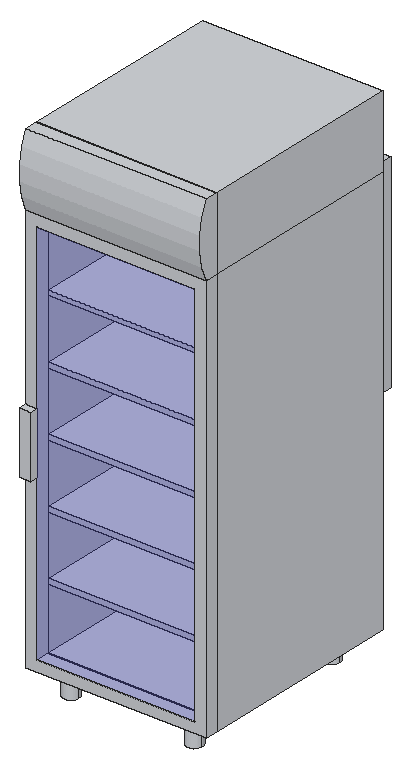
Revit family "Холодильные шкафы со стеклянными дверьми POLAIR Grande", category Оборудование, Revit 2020
Family settings
  Размер круглого соединителя = Использовать диаметр
  Классификация = Нет
  Тип детали = Нормальный
  На основе рабочей плоскости = Нет
  Всегда вертикально = Да
  При загрузке вырезать с полостями = Нет
  Общий = Нет
  Точка расчета площади = Нет
Parameters (values of type "DM107-G")
  Ширина = 697 mm
  Цена, руб. = "89 034"
  Холодильный шкаф = none
  Хладагент = "R134a"
  Условия окр. среды (темп./вл-сть,%) = "до +32/до 60"
  Тип охлаждения = "динамический"
  Тип оттайки = "автомат. с системой исп. конденсата"
  Терморегулятор = "эл.  блок"
  Система электропитания В/Гц = "230/50"
  Расход электроэнергии за сутки, кВт/ч = "5.5"
  Расположение агрегата = "верхнее"
  Размеры в упаковке, мм = "790х744х2125"
  Размер полки, мм = "53*650"
  Потребляемая мощность, Вт, не более = "400"
  Подсветка = "LED вертикальная"
  Отметка по умолчанию = 0 mm
  Объем, л. = "700"
  Кол-во полок = "4"
  Кол-во бутылок 0,5 по ширине 1 полки, шт. = "8"
  Кол-во бутылок 0,5 л по глубине 1 полки, шт. = "9"
  Клапан Шредера = "+"
  Канапе с подсветкой = "LED"
  Замок = "опция"
  Допустимая нагрузка на полку, кг = "40"
  Диап. рабочих температур = "+1....+10"
  Глубина = 945 mm
  Габаритные размеры, мм = "697х945х1960"
  Высота = 1960 mm
  Вес нетто, кг = "124"
  Вес брутто, кг = "148"
Types (3, lengths in mm): name | Цена, руб. | Расход электроэнергии за сутки, кВт/ч | Размер полки, мм | Потребляемая мощность, Вт, не более | Объем, л. | Кол-во бутылок 0,5 по ширине 1 полки, шт. | Кол-во бутылок 0,5 л по глубине 1 полки, шт. | Глубина | Габаритные размеры, мм | Вес нетто, кг | Вес брутто, кг
  (no name) | "89 034" | "5.5" | "53*650" | "400" | "700" | "8" | "9" | 945 | "697х945х1960" | "124" | "148"
  DM105-G | "70 271" | "4" | "595*455" | "350" | "500" | "" | "" | 710 | "697х710х1960" | "106" | "125"
  DM107-G | "89 034" | "5.5" | "53*650" | "400" | "700" | "8" | "9" | 945 | "697х945х1960" | "124" | "148"
Reference planes
  plane 1 "По центру (Вперед/Назад)": y = 0
  plane 2: z = 0
  plane 3 "По центру (Влево/Вправо)": x = 0
  plane 4: x = -348.5
  plane 5: x = 348.5
  plane 6: y = -945
  plane 7: y = -90
  plane 8: y = -894
  plane 9: x = -305.5
  plane 10: x = 305.5
  plane 11: y = -133
  plane 12: z = 1960
  plane 13: z = 1678
  plane 14: z = 92
  plane 15: z = 1635
  plane 16: z = 135
  plane 17: z = 1385
  plane 18: z = 885
  plane 19: z = 1135
  plane 20: z = 635
  plane 21: z = 385
  plane 22: y = -975
  plane 23: x = -348.5
  plane 24: x = -305.5
  plane 25: z = 635
  plane 26: z = 1135
  plane 27: z = 878
  plane 28: x = -151.5
  plane 29: x = -238.5
  plane 30: y = -865
  plane 31: y = -200
  plane 32: x = 238.5
Forms (mm)
  Extrusion 1, solid, material <- "Холодильный шкаф"
    sketch origin (0, 0, 0) x (1, 0, 0) y (0, 0, 1)
      loop
        line (-348.5, 1678) -> (-348.5, 92) -> (348.5, 92) -> (348.5, 1678) -> (-348.5, 1678)
    from 90 to 894
  Extrusion 2, void
    sketch origin (0, 0, 0) x (1, 0, 0) y (0, 0, 1)
      loop
        line (-305.5, 1635) -> (-305.5, 135) -> (305.5, 135) -> (305.5, 1635) -> (-305.5, 1635)
    from 133 to 894
  Extrusion 3, solid, material <- "Холодильный шкаф"
    sketch origin (0, 0, 0) x (1, 0, 0) y (0, 0, 1)
      loop
        line (-348.5, 1678) -> (-348.5, 92) -> (348.5, 92) -> (348.5, 1678) -> (-348.5, 1678)
      loop
        line (-305.5, 1635) -> (-305.5, 135) -> (305.5, 135) -> (305.5, 1635) -> (-305.5, 1635)
    from 894 to 945
  Extrusion 4, solid, material "Стекло"
    sketch origin (0, 0, 0) x (1, 0, 0) y (0, 0, 1)
      loop
        line (-305.5, 1635) -> (-305.5, 135) -> (305.5, 135) -> (305.5, 1635) -> (-305.5, 1635)
    from 894 to 945
  Extrusion 5, solid, material <- "Холодильный шкаф", detail levels medium+fine
    sketch origin (0, 0, 0) x (1, 0, 0) y (0, 1, 0)
      loop
        line (-305.5, -945) -> (-348.5, -945) -> (-348.5, -975) -> (-305.5, -975) -> (-305.5, -945)
    from 764.614 to 1004.652
  Extrusion 6, solid
    sketch origin (0, 0, 0) x (1, 0, 0) y (0, 0, 1)
      loop
        line (-305.5, 395) -> (-305.5, 375) -> (305.5, 375) -> (305.5, 395) -> (-305.5, 395)
    from 133 to 894
  Extrusion 7, solid
    sketch origin (0, 0, 0) x (1, 0, 0) y (0, 0, 1)
      loop
        line (-305.5, 645) -> (-305.5, 625) -> (305.5, 625) -> (305.5, 645) -> (-305.5, 645)
    from 133 to 894
  Extrusion 8, solid
    sketch origin (0, 0, 0) x (1, 0, 0) y (0, 0, 1)
      loop
        line (-305.5, 895) -> (-305.5, 875) -> (305.5, 875) -> (305.5, 895) -> (-305.5, 895)
    from 133 to 894
  Extrusion 9, solid
    sketch origin (0, 0, 0) x (1, 0, 0) y (0, 0, 1)
      loop
        line (-305.5, 1145) -> (-305.5, 1125) -> (305.5, 1125) -> (305.5, 1145) -> (-305.5, 1145)
    from 133 to 894
  Extrusion 10, solid
    sketch origin (0, 0, 0) x (1, 0, 0) y (0, 0, 1)
      loop
        line (-305.5, 1395) -> (-305.5, 1375) -> (305.5, 1375) -> (305.5, 1395) -> (-305.5, 1395)
    from 133 to 894
  Extrusion 11, solid, material <- "Холодильный шкаф"
    sketch origin (0, 0, 0) x (1, 0, 0) y (0, 0, 1)
      loop
        line (-348.5, 1960) -> (-348.5, 1678) -> (348.5, 1678) -> (348.5, 1960) -> (-348.5, 1960)
    from 90 to 894
  Extrusion 12, solid
    sketch origin (0, 0, 0) x (0, 1, 0) y (0, 0, 1)
      loop
        arc (-945, 1960) -> (-976.071, 1819) -> (-945, 1678) r 335.463
        line (-945, 1678) -> (-894, 1678) -> (-894, 1960) -> (-945, 1960)
    from -348.5 to 348.5
  Extrusion 13, solid
    sketch origin (0, 0, 0) x (1, 0, 0) y (0, 1, 0)
      loop
        line (-151.5, 0) -> (-151.5, -90) -> (305.5, -90) -> (305.5, 0) -> (-151.5, 0)
    from 878 to 1678
  Extrusion 14, solid
    sketch origin (0, 0, 0) x (1, 0, 0) y (0, 1, 0)
      loop
        circle (-238.5, -200) r 30
    from 0 to 92
  Extrusion 15, solid
    sketch origin (0, 0, 0) x (1, 0, 0) y (0, 1, 0)
      loop
        circle (-238.5, -865) r 30
    from 0 to 92
  Extrusion 16, solid
    sketch origin (0, 0, 0) x (1, 0, 0) y (0, 1, 0)
      loop
        circle (238.5, -200) r 30
    from 0 to 92
  Extrusion 17, solid
    sketch origin (0, 0, 0) x (1, 0, 0) y (0, 1, 0)
      loop
        circle (238.5, -865) r 30
    from 0 to 92
Cuts and joins
  Extrusion 2 cuts Extrusion 1
Dimensions and locks
  equal spacing: plane 4, plane 3 "По центру (Влево/Вправо)", plane 5
  "Ширина": plane 4 to plane 5
  "Глубина": plane 6 to plane 1 "По центру (Вперед/Назад)"
  locked: plane 1 "По центру (Вперед/Назад)" to plane 7 at 90
  plane 7 to plane 8 = 804 mm
  locked: plane 8 to plane 6 at 51
  locked: plane 7 to plane 11 at 43
  locked: plane 4 to plane 9 at 43
  locked: plane 10 to plane 5 at 43
  "Высота": plane 12 to plane 2
  locked: plane 12 to plane 13 at 282
  plane 13 to plane 14 = 1586 mm
  locked: plane 14 to plane 2 at 92
  locked: plane 13 to plane 15 at 43
  locked: plane 16 to plane 14 at 43
  equal spacing: plane 15, plane 17, plane 19, plane 18, plane 20, plane 21, plane 16
  locked: plane 6 to plane 22 at 30
  plane 3 "По центру (Влево/Вправо)" to Extrusion 5 = 305.5 mm
  locked: plane 5 to plane 23 at 697
  locked: plane 24 to plane 23 at 43
  equal spacing: Extrusion 6 sketch curve, plane 21, Extrusion 6 sketch curve, locked at 10 each
  equal spacing: Extrusion 7 sketch curve, plane 20, Extrusion 7 sketch curve, locked at 10 each
  equal spacing: Extrusion 8 sketch curve, plane 18, Extrusion 8 sketch curve, locked at 10 each
  equal spacing: Extrusion 9 sketch curve, plane 19, Extrusion 9 sketch curve, locked at 10 each
  equal spacing: Extrusion 10 sketch curve, plane 17, Extrusion 10 sketch curve, locked at 10 each
  locked: Extrusion 11 to Extrusion 12 sketch curve at 82.071
  locked: plane 13 to plane 27 at 800
  locked: plane 28 to plane 5 at 500
  locked: plane 32 to plane 5 at 110
  locked: plane 4 to plane 29 at 110
  locked: plane 7 to plane 31 at 110
  locked: plane 30 to plane 22 at 110
  Extrusion 5 to plane 18 to Extrusion 5 = 119.652 mm locked, 120.386 mm locked
  aligned and locked: level to plane 2
  aligned and locked: plane 14 to Extrusion 1 sketch curve
  aligned and locked: Extrusion 1 sketch curve to plane 13
  aligned and locked: Extrusion 1 sketch curve to plane 5
  aligned and locked: plane 7 to Extrusion 1
  aligned and locked: Extrusion 1 to plane 8
  aligned and locked: Extrusion 2 sketch curve to plane 15
  aligned and locked: plane 16 to Extrusion 2 sketch curve
  aligned and locked: Extrusion 2 sketch curve to plane 10
  aligned and locked: plane 11 to Extrusion 2
  aligned and locked: Extrusion 2 to plane 8
  aligned and locked: Extrusion 3 sketch curve to cut or joined group of Extrusion 1, Extrusion 2  (x3)
  aligned and locked: Extrusion 3 to plane 6
  aligned and locked: plane 8 to Extrusion 3
  aligned and locked: Extrusion 3 sketch curve to plane 15
  aligned and locked: Extrusion 3 sketch curve to plane 10
  aligned and locked: plane 16 to Extrusion 3 sketch curve
  aligned and locked: Extrusion 4 sketch curve to plane 15
  aligned and locked: plane 16 to Extrusion 4 sketch curve
  aligned and locked: Extrusion 4 sketch curve to plane 10
  aligned and locked: Extrusion 4 to plane 6
  aligned and locked: Extrusion 3 to Extrusion 5 sketch curve
  aligned and locked: plane 22 to Extrusion 5 sketch curve
  aligned and locked: plane 24 to Extrusion 4 sketch curve
  aligned and locked: plane 24 to Extrusion 3 sketch curve
  aligned and locked: plane 23 to Extrusion 3 sketch curve
  aligned and locked: plane 24 to Extrusion 5 sketch curve
  aligned and locked: Extrusion 5 sketch curve to plane 23
  aligned and locked: plane 8 to Extrusion 4
  aligned and locked: Extrusion 6 to plane 8
  aligned and locked: plane 11 to Extrusion 6
  aligned and locked: Extrusion 6 sketch curve to plane 10
  aligned and locked: plane 24 to Extrusion 6 sketch curve
  aligned and locked: plane 24 to Extrusion 2 sketch curve
  aligned and locked: plane 23 to Extrusion 1 sketch curve
  aligned and locked: plane 24 to Extrusion 7 sketch curve
  aligned and locked: Extrusion 7 sketch curve to plane 10
  aligned and locked: Extrusion 7 to plane 8
  aligned and locked: plane 11 to Extrusion 7
  aligned and locked: plane 24 to Extrusion 8 sketch curve
  aligned and locked: Extrusion 8 sketch curve to plane 10
  aligned and locked: Extrusion 8 to plane 8
  aligned and locked: plane 11 to Extrusion 8
  aligned and locked: plane 24 to Extrusion 9 sketch curve
  aligned and locked: Extrusion 9 sketch curve to plane 10
  aligned and locked: Extrusion 9 to plane 8
  aligned and locked: plane 11 to Extrusion 9
  aligned and locked: plane 24 to Extrusion 10 sketch curve
  aligned and locked: Extrusion 10 sketch curve to plane 10
  aligned and locked: Extrusion 10 to plane 8
  aligned and locked: plane 11 to Extrusion 10
  aligned and locked: Extrusion 11 sketch curve to plane 12
  aligned and locked: Extrusion 11 sketch curve to cut or joined group of Extrusion 1, Extrusion 2  (x2)
  aligned and locked: Extrusion 11 to plane 8
  aligned and locked: plane 7 to Extrusion 11
  aligned and locked: Extrusion 11 sketch curve to plane 4
  aligned and locked: Extrusion 12 sketch curve to plane 13
  aligned and locked: plane 8 to Extrusion 12 sketch curve
  aligned and locked: plane 12 to Extrusion 12 sketch curve
  aligned and locked: Extrusion 12 to plane 4
  aligned and locked: plane 5 to Extrusion 12
  aligned and locked: Extrusion 13 sketch curve to plane 10
  aligned and locked: plane 13 to Extrusion 13
  aligned and locked: Extrusion 13 to plane 27
  aligned and locked: Extrusion 13 to plane 28
  aligned and locked: plane 14 to Extrusion 14
  aligned and locked: Extrusion 14 to level
  aligned and locked: plane 14 to Extrusion 15
  aligned and locked: Extrusion 15 to level
  aligned and locked: plane 14 to Extrusion 16
  aligned and locked: Extrusion 16 to level
  aligned and locked: plane 14 to Extrusion 17
  aligned and locked: Extrusion 17 to level
Automatic sketch dimensions
  Extrusion 6 sketch curve to plane 21 = 10 mm
  Extrusion 7 sketch curve to plane 20 = 10 mm
  Extrusion 8 sketch curve to plane 18 = 10 mm
  Extrusion 9 sketch curve to plane 19 = 10 mm
  Extrusion 10 sketch curve to plane 17 = 10 mm
  Extrusion 12 sketch curve to plane 6 = 0 mm  (x2)
  Extrusion 13 sketch curve to plane 7 = 0 mm
  plane 1 "По центру (Вперед/Назад)" to Extrusion 13 sketch curve = 0 mm
  Extrusion 13 sketch curve to plane 3 "По центру (Влево/Вправо)" = 151.5 mm
  Extrusion 14 sketch curve to plane 29 = 0 mm
  Extrusion 14 sketch curve to plane 31 = 0 mm
  Extrusion 15 sketch curve to plane 29 = 0 mm
  Extrusion 15 sketch curve to plane 30 = 0 mm
  Extrusion 16 sketch curve to plane 31 = 0 mm
  Extrusion 16 sketch curve to plane 32 = 0 mm
  Extrusion 17 sketch curve to plane 30 = 0 mm
  Extrusion 17 sketch curve to plane 32 = 0 mm
  radius of Extrusion 14 sketch curve = 30 mm
  radius of Extrusion 15 sketch curve = 30 mm
  radius of Extrusion 16 sketch curve = 30 mm
  radius of Extrusion 17 sketch curve = 30 mm
